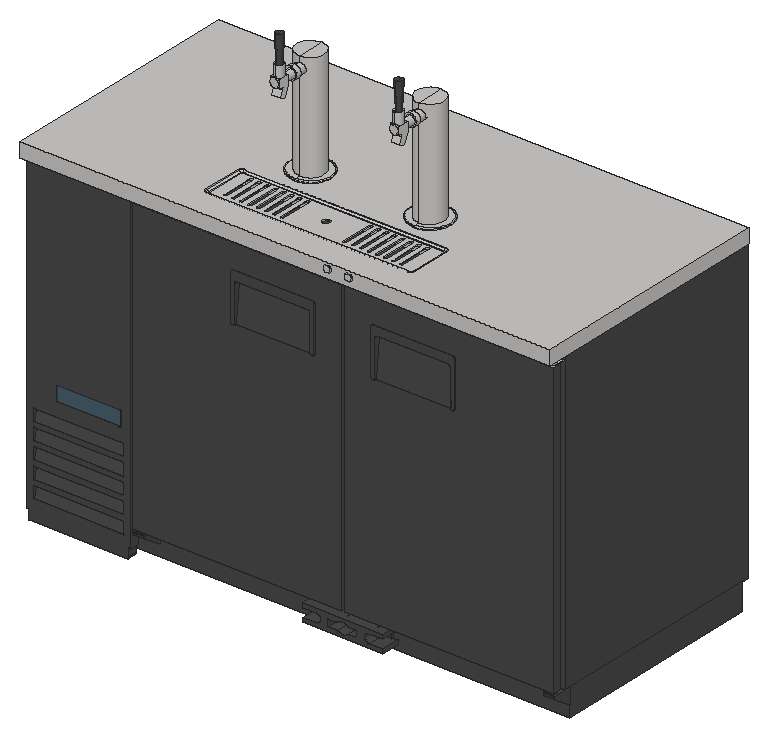
Revit family "QF_EVEREST_EBD2", category Specialty Equipment, Revit 2015
Parameters
  Weight in Pounds = 282
  Watts = if(Phase = 3, Volts * FL Amps * 1.73, Volts * FL Amps)  # 402.5 W
  Volts = 115 V
  URL Cutsheet = ""
  Specification by User = ""
  Specification by Manufacturer = ""
  Show Clearance [instance] = yes
  Show 6 Inches Legs [instance] = no
  Show 5 Inches Casters [instance] = no
  Show 3.5 Inches Legs [instance] = no
  Show 3 Inches Casters [instance] = no
  Serial Number = ""
  Seismic Rating = ""
  SMACNA No = ""
  Revision Code = ""
  Refrigerant Volume = 0.00 kip
  Refrigerant Type = "R-290"
  Phase = 1
  Number of Poles = 1
  NAFEM Spec ID Number = ""
  Model = "EBD2"
  Min Ckt Ampacity = 0 A
  Max Overcurrent Protection = 0 A
  Masterspec = ""
  Manufacturer = "EVEREST"
  Length = 1466 mm
  Item Number = ""
  Installed By = ""
  Identify Quantity as Lot = yes
  Height = 944 mm
  HP = "1/4+"
  Furnished By = ""
  Foodservice Equipment Identifier = yes
  FL Amps = 3.5 A
  Electrical Remarks = ""
  Electric Connection Type = ""
  Elec Conn RI Height = 0 mm
  Elec Conn Connection Height = 0 mm
  Description = "DIRECT DRAW KEG REFRIGERATOR"
  Depth = 688 mm
  Default [instance] = if(or(Show 3 Inches Casters, Show 5 Inches Casters), or(or(Show 3.5 Inches Legs, Show 6 Inches Legs), and(Show 3 Inches Casters, Show 5 Inches Casters)), if(Show 3.5 Inches Legs, Show 6 Inches Legs, not(Show 6 Inches Legs)))  # yes
  Cycle = 60 Hz
  Conn Plug = "NEMA 5-15P"
  Conn Conduit = yes
  CSI MasterFormat = ""
  Base Height [instance] = if(Show 3 Inches Casters, 76.2 mm, if(Show 5 Inches Casters, 127 mm, if(Show 3.5 Inches Legs, 88.9 mm, if(Show 6 Inches Legs, 152.4 mm, if(Default, 0 mm, 0 mm)))))  # 0 mm
  BTUH = 1926.0 Btu/h
  Apparent Power = if(Phase = 3, Volts * FL Amps * 1.73, Volts * FL Amps)  # 402.5 VA
Reference planes
  plane 1 "BACK": y = 0
  plane 2: z = 0
  plane 3 "LEFT": x = 0
  plane 4 "RIGHT": x = 1466
  plane 5 "FRONT": y = -688
  plane 6 "TOP": z = 0
  plane 7 "Center Y": x = 733
  plane 8 "Center X": y = -344
Dimensions and locks
  equal spacing: plane 3 "LEFT", plane 7 "Center Y", plane 4 "RIGHT"
  "Length": plane 3 "LEFT" to plane 4 "RIGHT"
  equal spacing: plane 5 "FRONT", plane 8 "Center X", plane 1 "BACK"
  "Depth": plane 5 "FRONT" to plane 1 "BACK"
  "Base Height": plane 6 "TOP" to level
  aligned and locked: level to plane 2
  aligned and locked: nested 1 to plane 6 "TOP"
Nested families
  nested 1: "EBD2" at (0, 0, 0), Show Clearance <- "Show Clearance", type "EBD2"
    with Show Clearance yes
  nested 2: "CASTERS & LEGS" at (53.834, -59.357, 0), Show 3 Inches Casters <- "Show 3 Inches Casters", Show 5 Inches Legs <- "Show 3.5 Inches Legs", Show 5" Casters <- "Show 5 Inches Casters", Show 6"  Legs <- "Show 6 Inches Legs", type "CASTERS & LEGS"
    with Type Mark "", Specification by User "", Show 6"  Legs no, Show 5" Casters no, Show 5 Inches Legs no, Show 3 Inches Casters no, Revision Code "", Item Number "", Installed By "", Identify Quantity as Lot yes, Furnished By "", Foodservice Equipment Identifier yes
  nested 3: "CASTERS & LEGS" at (1412.166, -59.357, 0), Show 3 Inches Casters <- "Show 3 Inches Casters", Show 5 Inches Legs <- "Show 3.5 Inches Legs", Show 5" Casters <- "Show 5 Inches Casters", Show 6"  Legs <- "Show 6 Inches Legs", type "CASTERS & LEGS"
    with Type Mark "", Specification by User "", Show 6"  Legs no, Show 5" Casters no, Show 5 Inches Legs no, Show 3 Inches Casters no, Revision Code "", Item Number "", Installed By "", Identify Quantity as Lot yes, Furnished By "", Foodservice Equipment Identifier yes
  nested 4: "CASTERS & LEGS" at (53.834, -583.643, 0), Show 3 Inches Casters <- "Show 3 Inches Casters", Show 5 Inches Legs <- "Show 3.5 Inches Legs", Show 5" Casters <- "Show 5 Inches Casters", Show 6"  Legs <- "Show 6 Inches Legs", type "CASTERS & LEGS"
    with Type Mark "", Specification by User "", Show 6"  Legs no, Show 5" Casters no, Show 5 Inches Legs no, Show 3 Inches Casters no, Revision Code "", Item Number "", Installed By "", Identify Quantity as Lot yes, Furnished By "", Foodservice Equipment Identifier yes
  nested 5: "CASTERS & LEGS" at (1412.166, -583.643, 0), Show 3 Inches Casters <- "Show 3 Inches Casters", Show 5 Inches Legs <- "Show 3.5 Inches Legs", Show 5" Casters <- "Show 5 Inches Casters", Show 6"  Legs <- "Show 6 Inches Legs", type "CASTERS & LEGS"
    with Type Mark "", Specification by User "", Show 6"  Legs no, Show 5" Casters no, Show 5 Inches Legs no, Show 3 Inches Casters no, Revision Code "", Item Number "", Installed By "", Identify Quantity as Lot yes, Furnished By "", Foodservice Equipment Identifier yes
Connectors
  electrical at (150.875, 3.4, 485.5), driven by "Volts", driven by "Watts"
    settings: on nested 1, index 1, voltage 115 V, apparent load 402.5 VA, apparent load phase1 0 VA, apparent load phase2 0 VA, apparent load phase3 0 VA, power factor 1, load classification "Other", number of poles 1, system type 30, power factor state 1, is connector primary yes, connector utility no, sub classification motor no, connector description "ELECTRICAL CONNECTION"
Definition of nested family "EBD2"
  Parameters (values of type "EBD2")
    Weight in Pounds = 0
    Watts = if(Phase = 3, Volts * FL Amps * 1.73, Volts * FL Amps)  # 0 W
    Volts = 0 V
    URL Cutsheet = ""
    Specification by User = ""
    Specification by Manufacturer = ""
    Show Clearance [instance] = yes
    Serial Number = ""
    Seismic Rating = ""
    SMACNA No = ""
    Revision Code = ""
    Phase = 0
    Number of Poles = 1
    NAFEM Spec ID Number = ""
    Model = "EBD2"
    Min Ckt Ampacity = 0 A
    Max Overcurrent Protection = 0 A
    Masterspec = ""
    Manufacturer = "EVEREST"
    Length = 1466 mm
    Item Number = ""
    Installed By = ""
    Identify Quantity as Lot = yes
    Height = 944 mm
    HP = ""
    Furnished By = ""
    Foodservice Equipment Identifier = yes
    FL Amps = 0 A
    Electrical Remarks = ""
    Electric Connection Type = ""
    Elec Conn RI Height = 0 mm
    Elec Conn Connection Height = 0 mm
    Description = "DIRECT DRAW KEG REFRIGERATOR"
    Depth = 688 mm
    Cycle = 0 Hz
    Conn Plug = ""
    Conn Conduit = yes
    CSI MasterFormat = ""
    Apparent Power = if(Phase = 3, Volts * FL Amps * 1.73, Volts * FL Amps)  # 0 VA
  Reference planes
    plane 1 "BACK": y = 0
    plane 2: z = 0
    plane 3 "LEFT": x = 0
    plane 4 "RIGHT": x = 1466
    plane 5 "FRONT": y = -688
    plane 6 "TOP": z = 944
    plane 7 "Center Y": x = 733
    plane 8 "Center X": y = -344
    plane 9: z = 130
    plane 10: z = 1332
    plane 11: y = -1245
    plane 12: x = 567.5
    plane 13: x = 898.5
    plane 14: z = 81
  Forms (mm)
    Extrusion 1, solid
      sketch origin (0, 0, -57) x (0, 1, 0) y (0, 0, 1)
        loop
          line (-633, 961) -> (-633, 132) -> (-3, 132) -> (-3, 961) -> (-633, 961)
      from 0 to 1466
    Extrusion 2, solid
      sketch origin (0, -633, 879) x (0, 0, 1) y (-1, 0, 0)
        loop
          arc (25, -7.75) -> (23.536, -4.214) -> (20, -2.75) r 5
          line (20, -2.75) -> (-849, -2.75) -> (-849, -8) -> (-872, -8)
          arc (-872, -8) -> (-875.536, -9.464) -> (-877, -13) r 5
          line (-877, -13) -> (-877, -282.479)
          arc (-877, -282.479) -> (-875.529, -286.029) -> (-871.979, -287.5) r 5.021
          line (-871.979, -287.5) -> (-849, -287.5) -> (-849, -292.75) -> (20, -292.75)
          arc (20, -292.75) -> (23.536, -291.286) -> (25, -287.75) r 5
          line (25, -287.75) -> (25, -7.75)
        loop
          line (-798, -1462) -> (11, -1462) -> (11, -884) -> (-798, -884) -> (-798, -1462)
        loop
          arc (-82, -785) -> (-83.464, -788.536) -> (-87, -790) r 5
          line (-87, -790) -> (-188.5, -790)
          arc (-188.5, -790) -> (-189.856, -790.273) -> (-191, -791.051) r 3.5
          arc (-191, -791.051) -> (-191.74, -792.177) -> (-192, -793.5) r 3.5
          line (-192, -793.5) -> (-192, -797.5)
          arc (-192, -797.5) -> (-190.975, -799.975) -> (-188.5, -801) r 3.5
          line (-188.5, -801) -> (-62, -801)
          arc (-62, -801) -> (-58.464, -799.536) -> (-57, -796) r 5
          line (-57, -796) -> (-57, -576)
          arc (-57, -576) -> (-58.464, -572.464) -> (-62, -571) r 5
          line (-62, -571) -> (-188.5, -571)
          arc (-188.5, -571) -> (-190.975, -572.025) -> (-192, -574.5) r 3.5
          line (-192, -574.5) -> (-192, -578.5)
          arc (-192, -578.5) -> (-191.74, -579.823) -> (-191, -580.949) r 3.5
          arc (-191, -580.949) -> (-189.856, -581.727) -> (-188.5, -582) r 3.5
          line (-188.5, -582) -> (-87, -582)
          arc (-87, -582) -> (-83.464, -583.464) -> (-82, -587) r 5
          line (-82, -587) -> (-82, -785)
        loop
          line (-798, -298) -> (-798, -876) -> (11, -876) -> (11, -298) -> (-798, -298)
        loop
          arc (-82, -1173) -> (-83.464, -1176.536) -> (-87, -1178) r 5
          line (-87, -1178) -> (-188.5, -1178)
          arc (-188.5, -1178) -> (-189.856, -1178.273) -> (-191, -1179.051) r 3.5
          arc (-191, -1179.051) -> (-191.74, -1180.177) -> (-192, -1181.5) r 3.5
          line (-192, -1181.5) -> (-192, -1185.5)
          arc (-192, -1185.5) -> (-190.975, -1187.975) -> (-188.5, -1189) r 3.5
          line (-188.5, -1189) -> (-62, -1189)
          arc (-62, -1189) -> (-58.464, -1187.536) -> (-57, -1184) r 5
          line (-57, -1184) -> (-57, -964)
          arc (-57, -964) -> (-58.464, -960.464) -> (-62, -959) r 5
          line (-62, -959) -> (-188.5, -959)
          arc (-188.5, -959) -> (-190.975, -960.025) -> (-192, -962.5) r 3.5
          line (-192, -962.5) -> (-192, -966.5)
          arc (-192, -966.5) -> (-191.74, -967.823) -> (-191, -968.949) r 3.5
          arc (-191, -968.949) -> (-189.856, -969.727) -> (-188.5, -970) r 3.5
          line (-188.5, -970) -> (-87, -970)
          arc (-87, -970) -> (-83.464, -971.464) -> (-82, -975) r 5
          line (-82, -975) -> (-82, -1173)
      from 15 to 37
    Extrusion 3, void
      sketch origin (571, -633, 690.5) x (0, 0, 1) y (0, -1, 0)
        loop
          line (-3.5, 37) -> (107.438, 25.34) -> (107.438, 37) -> (-3.5, 37)
      from 11 to 219
    Extrusion 4, solid
      sketch origin (0, -648, 879) x (0, 0, -1) y (-1, 0, 0)
        loop
          arc (62, -571) -> (58.464, -572.464) -> (57, -576) r 5
          line (57, -576) -> (57, -796)
          arc (57, -796) -> (58.464, -799.536) -> (62, -801) r 5
          line (62, -801) -> (188.5, -801)
          arc (188.5, -801) -> (190.975, -799.975) -> (192, -797.5) r 3.5
          line (192, -797.5) -> (192, -793.5)
          arc (192, -793.5) -> (191.74, -792.177) -> (191, -791.051) r 3.5
          arc (191, -791.051) -> (189.856, -790.273) -> (188.5, -790) r 3.5
          line (188.5, -790) -> (87, -790)
          arc (87, -790) -> (83.464, -788.536) -> (82, -785) r 5
          line (82, -785) -> (82, -587)
          arc (82, -587) -> (83.464, -583.464) -> (87, -582) r 5
          line (87, -582) -> (188.5, -582)
          arc (188.5, -582) -> (189.856, -581.727) -> (191, -580.949) r 3.5
          arc (191, -580.949) -> (191.74, -579.823) -> (192, -578.5) r 3.5
          line (192, -578.5) -> (192, -574.5)
          arc (192, -574.5) -> (190.975, -572.025) -> (188.5, -571) r 3.5
          line (188.5, -571) -> (62, -571)
        loop
          arc (62, -959) -> (58.464, -960.464) -> (57, -964) r 5
          line (57, -964) -> (57, -1184)
          arc (57, -1184) -> (58.464, -1187.536) -> (62, -1189) r 5
          line (62, -1189) -> (188.5, -1189)
          arc (188.5, -1189) -> (190.975, -1187.975) -> (192, -1185.5) r 3.5
          line (192, -1185.5) -> (192, -1181.5)
          arc (192, -1181.5) -> (191.74, -1180.177) -> (191, -1179.051) r 3.5
          arc (191, -1179.051) -> (189.856, -1178.273) -> (188.5, -1178) r 3.5
          line (188.5, -1178) -> (87, -1178)
          arc (87, -1178) -> (83.464, -1176.536) -> (82, -1173) r 5
          line (82, -1173) -> (82, -975)
          arc (82, -975) -> (83.464, -971.464) -> (87, -970) r 5
          line (87, -970) -> (188.5, -970)
          arc (188.5, -970) -> (189.856, -969.727) -> (191, -968.949) r 3.5
          arc (191, -968.949) -> (191.74, -967.823) -> (192, -966.5) r 3.5
          line (192, -966.5) -> (192, -962.5)
          arc (192, -962.5) -> (190.975, -960.025) -> (188.5, -959) r 3.5
          line (188.5, -959) -> (62, -959)
      from 0 to -23.584
    Extrusion 5, solid
      sketch origin (0, 0, -57) x (0, 1, 0) y (0, 0, 1)
        loop
          line (-648, 939.5) -> (-648, 145.5) -> (-633, 145.5) -> (-633, 939.5) -> (-648, 939.5)
      from 9 to 292.75
    Extrusion 6, solid
      sketch origin (0, 0.408, 944) x (0, -1, 0) y (1, 0, 0)
        loop
          line (0.408, 0) -> (688.408, 0) -> (688.408, 1466) -> (0.408, 1466) -> (0.408, 0)
        loop
          arc (479.408, 455.5) -> (482.63, 447.722) -> (490.408, 444.5) r 11
          line (490.408, 444.5) -> (600.408, 444.5)
          arc (600.408, 444.5) -> (608.186, 447.722) -> (611.408, 455.5) r 11
          line (611.408, 455.5) -> (611.408, 1010.5)
          arc (611.408, 1010.5) -> (608.186, 1018.278) -> (600.408, 1021.5) r 11
          line (600.408, 1021.5) -> (490.408, 1021.5)
          arc (490.408, 1021.5) -> (482.63, 1018.278) -> (479.408, 1010.5) r 11
          line (479.408, 1010.5) -> (479.408, 455.5)
      from 0 to -40
    Sweep 7, solid
      path origin (0, 0.408, 944) x (0, -1, 0) y (1, 0, 0)
        loop
          arc (479.408, 455.5) -> (482.63, 447.722) -> (490.408, 444.5) r 11
          line (490.408, 444.5) -> (600.408, 444.5)
          arc (600.408, 444.5) -> (608.186, 447.722) -> (611.408, 455.5) r 11
          line (611.408, 455.5) -> (611.408, 1010.5)
          arc (611.408, 1010.5) -> (608.186, 1018.278) -> (600.408, 1021.5) r 11
          line (600.408, 1021.5) -> (490.408, 1021.5)
          arc (490.408, 1021.5) -> (482.63, 1018.278) -> (479.408, 1010.5) r 11
          line (479.408, 1010.5) -> (479.408, 455.5)
      profile origin (733, -479, 944) x (0, 1, 0) y (0, 0, 1)
        loop
          arc (0, -0.371) -> (-3.13, -3.307) -> (-7.029, -5.099) r 13.357
          line (-7.029, -5.099) -> (-7.029, -6.424) -> (0, -6.424) -> (0, -1.518) -> (0, -0.371)
    Revolve 8, solid
      sketch origin (567.5, 199.647, 1126.703) x (0, 1, 0) y (0, 0, 1)
        loop
          line (-592.397, 117.297) -> (-592.397, -182.703) -> (-534.897, -182.703) -> (-534.897, -181.672)
          arc (-534.897, -181.672) -> (-535.474, -180.28) -> (-536.867, -179.703) r 1.969
          line (-536.867, -179.703) -> (-554.147, -179.703) -> (-554.147, 117.297) -> (-592.397, 117.297)
        axis (-592.397, -182.703) -> (-592.397, 117.297)
      angle from 0 to 360
    Revolve 9, solid
      sketch origin (567.5, 199.647, 1126.703) x (0, 1, 0) y (0, 0, 1)
        loop
          line (-616.542, 102.297) -> (-647.647, 102.297) -> (-647.647, 104.297) -> (-660.647, 104.297) -> (-660.647, 99.297) -> (-685.647, 99.297) -> (-685.647, 87.297) -> (-616.542, 87.297) -> (-616.542, 102.297)
        axis (-685.647, 87.297) -> (-616.542, 87.297)
      angle from 0 to 360
    Revolve 10, solid
      sketch origin (567.5, 199.647, 1126.703) x (0, 1, 0) y (0, 0, 1)
        loop
          line (-688.647, 99.297) -> (-688.647, 129.297) -> (-693.294, 129.297) -> (-690.183, 205.297) -> (-700.647, 205.297) -> (-700.647, 99.297) -> (-688.647, 99.297)
        axis (-700.647, 99.297) -> (-700.647, 205.297)
      angle from 0 to 360
    Extrusion 11, solid
      sketch origin (269.5, 24.25, -57) x (0, 1, 0) y (0, 0, 1)
        loop
          line (-510.25, 1283) -> (-538.25, 1283) -> (-538.25, 1261.43) -> (-533.891, 1261.43)
          arc (-533.891, 1261.43) -> (-528.941, 1258.81) -> (-528.322, 1253.244) r 5.987
          line (-528.322, 1253.244) -> (-535.226, 1235.754) -> (-521.274, 1230.246) -> (-510.25, 1258.173) -> (-510.25, 1283)
      from 286.048 to 310.005
    Extrusion 12, solid
      sketch origin (269.5, -514, 1204.43) x (0, 0, 1) y (-1, 0, 0)
        loop
          circle (10.785, -298.027) r 11.979
      from 0 to 3
    Extrusion 13, solid
      sketch origin (0, -688, 944) x (1, 0, 0) y (0, 0, 1)
        loop
          line (855.645, -8) -> (845.398, -8)
          arc (845.398, -8) -> (841.022, -16) -> (845.398, -24) r 9.5
          line (845.398, -24) -> (855.645, -24)
          arc (855.645, -24) -> (860.022, -16) -> (855.645, -8) r 9.5
        loop
          line (914.639, -8) -> (904.392, -8)
          arc (904.392, -8) -> (900.016, -16) -> (904.392, -24) r 9.5
          line (904.392, -24) -> (914.639, -24)
          arc (914.639, -24) -> (919.016, -16) -> (914.639, -8) r 9.5
      from 0 to 2
    Extrusion 14, solid
      sketch origin (6.875, -673.219, 904) x (0, 1, 0) y (-1, 0, 0)
        loop
          circle (14.219, -1442.816) r 10
      from 0 to -11.678
    Extrusion 15, solid
      sketch origin (0, 0, 0) x (0, 1, 0) y (0, 0, 1)
        loop
          line (-23, 75) -> (-618, 75) -> (-618, 0) -> (-23, 0) -> (-23, 75)
      from 0 to 1466
    Extrusion 16, solid
      sketch origin (120.5, -483, 937.576) x (0, -1, 0) y (-1, 0, 0)
        loop
          line (-4, -335) -> (-4, -890)
          arc (-4, -890) -> (-0.778, -897.778) -> (7, -901) r 11
          line (7, -901) -> (117, -901)
          arc (117, -901) -> (124.778, -897.778) -> (128, -890) r 11
          line (128, -890) -> (128, -335)
          arc (128, -335) -> (124.778, -327.222) -> (117, -324) r 11
          line (117, -324) -> (7, -324)
          arc (7, -324) -> (-0.778, -327.222) -> (-4, -335) r 11
        loop
          line (103.469, -363.548) -> (17.879, -363.548)
          arc (17.879, -363.548) -> (12.879, -368.548) -> (17.879, -373.548) r 5
          line (17.879, -373.548) -> (103.469, -373.548)
          arc (103.469, -373.548) -> (108.469, -368.548) -> (103.469, -363.548) r 5
        loop
          line (103.469, -386.048) -> (17.879, -386.048)
          arc (17.879, -386.048) -> (12.879, -391.048) -> (17.879, -396.048) r 5
          line (17.879, -396.048) -> (103.469, -396.048)
          arc (103.469, -396.048) -> (108.469, -391.048) -> (103.469, -386.048) r 5
        loop
          line (103.469, -408.548) -> (17.879, -408.548)
          arc (17.879, -408.548) -> (12.879, -413.548) -> (17.879, -418.548) r 5
          line (17.879, -418.548) -> (103.469, -418.548)
          arc (103.469, -418.548) -> (108.469, -413.548) -> (103.469, -408.548) r 5
        loop
          line (103.469, -431.048) -> (17.879, -431.048)
          arc (17.879, -431.048) -> (12.879, -436.048) -> (17.879, -441.048) r 5
          line (17.879, -441.048) -> (103.469, -441.048)
          arc (103.469, -441.048) -> (108.469, -436.048) -> (103.469, -431.048) r 5
        loop
          line (103.469, -453.548) -> (17.879, -453.548)
          arc (17.879, -453.548) -> (12.879, -458.548) -> (17.879, -463.548) r 5
          line (17.879, -463.548) -> (103.469, -463.548)
          arc (103.469, -463.548) -> (108.469, -458.548) -> (103.469, -453.548) r 5
        loop
          line (103.469, -476.048) -> (17.879, -476.048)
          arc (17.879, -476.048) -> (12.879, -481.048) -> (17.879, -486.048) r 5
          line (17.879, -486.048) -> (103.469, -486.048)
          arc (103.469, -486.048) -> (108.469, -481.048) -> (103.469, -476.048) r 5
        loop
          line (103.469, -498.548) -> (17.879, -498.548)
          arc (17.879, -498.548) -> (12.879, -503.548) -> (17.879, -508.548) r 5
          line (17.879, -508.548) -> (103.469, -508.548)
          arc (103.469, -508.548) -> (108.469, -503.548) -> (103.469, -498.548) r 5
        loop
          line (103.469, -521.048) -> (17.879, -521.048)
          arc (17.879, -521.048) -> (12.879, -526.048) -> (17.879, -531.048) r 5
          line (17.879, -531.048) -> (103.469, -531.048)
          arc (103.469, -531.048) -> (108.469, -526.048) -> (103.469, -521.048) r 5
        loop
          arc (103.469, -861.452) -> (108.469, -856.452) -> (103.469, -851.452) r 5
          line (103.469, -851.452) -> (17.879, -851.452)
          arc (17.879, -851.452) -> (12.879, -856.452) -> (17.879, -861.452) r 5
          line (17.879, -861.452) -> (103.469, -861.452)
        loop
          arc (103.469, -838.952) -> (108.469, -833.952) -> (103.469, -828.952) r 5
          line (103.469, -828.952) -> (17.879, -828.952)
          arc (17.879, -828.952) -> (12.879, -833.952) -> (17.879, -838.952) r 5
          line (17.879, -838.952) -> (103.469, -838.952)
        loop
          arc (103.469, -816.452) -> (108.469, -811.452) -> (103.469, -806.452) r 5
          line (103.469, -806.452) -> (17.879, -806.452)
          arc (17.879, -806.452) -> (12.879, -811.452) -> (17.879, -816.452) r 5
          line (17.879, -816.452) -> (103.469, -816.452)
        loop
          arc (103.469, -793.952) -> (108.469, -788.952) -> (103.469, -783.952) r 5
          line (103.469, -783.952) -> (17.879, -783.952)
          arc (17.879, -783.952) -> (12.879, -788.952) -> (17.879, -793.952) r 5
          line (17.879, -793.952) -> (103.469, -793.952)
        loop
          arc (103.469, -771.452) -> (108.469, -766.452) -> (103.469, -761.452) r 5
          line (103.469, -761.452) -> (17.879, -761.452)
          arc (17.879, -761.452) -> (12.879, -766.452) -> (17.879, -771.452) r 5
          line (17.879, -771.452) -> (103.469, -771.452)
        loop
          arc (103.469, -748.952) -> (108.469, -743.952) -> (103.469, -738.952) r 5
          line (103.469, -738.952) -> (17.879, -738.952)
          arc (17.879, -738.952) -> (12.879, -743.952) -> (17.879, -748.952) r 5
          line (17.879, -748.952) -> (103.469, -748.952)
        loop
          arc (103.469, -726.452) -> (108.469, -721.452) -> (103.469, -716.452) r 5
          line (103.469, -716.452) -> (17.879, -716.452)
          arc (17.879, -716.452) -> (12.879, -721.452) -> (17.879, -726.452) r 5
          line (17.879, -726.452) -> (103.469, -726.452)
        loop
          arc (103.469, -703.952) -> (108.469, -698.952) -> (103.469, -693.952) r 5
          line (103.469, -693.952) -> (17.879, -693.952)
          arc (17.879, -693.952) -> (12.879, -698.952) -> (17.879, -703.952) r 5
          line (17.879, -703.952) -> (103.469, -703.952)
        loop
          circle (60.674, -611.048) r 10
      from 0 to -1.326
    Extrusion 17, void
      sketch origin (1188.536, -633, 690.5) x (0, 0, 1) y (0, 1, 0)
        loop
          line (-3.5, -37) -> (107.438, -37) -> (107.438, -25.34) -> (-3.5, -37)
      from 10.536 to 218.536
    Extrusion 18, void
      sketch origin (0, 0, -57) x (0, -1, 0) y (0, 0, 1)
        loop
          arc (136, 444) -> (132, 440) -> (136, 436) r 4
          line (136, 436) -> (168, 436)
          arc (168, 436) -> (172, 440) -> (168, 444) r 4
          line (168, 444) -> (136, 444)
        loop
          arc (136, 431) -> (132, 427) -> (136, 423) r 4
          line (136, 423) -> (168, 423)
          arc (168, 423) -> (172, 427) -> (168, 431) r 4
          line (168, 431) -> (136, 431)
        loop
          arc (186, 444) -> (182, 440) -> (186, 436) r 4
          line (186, 436) -> (218, 436)
          arc (218, 436) -> (222, 440) -> (218, 444) r 4
          line (218, 444) -> (186, 444)
        loop
          arc (186, 431) -> (182, 427) -> (186, 423) r 4
          line (186, 423) -> (218, 423)
          arc (218, 423) -> (222, 427) -> (218, 431) r 4
          line (218, 431) -> (186, 431)
        loop
          arc (236, 444) -> (232, 440) -> (236, 436) r 4
          line (236, 436) -> (268, 436)
          arc (268, 436) -> (272, 440) -> (268, 444) r 4
          line (268, 444) -> (236, 444)
        loop
          arc (236, 431) -> (232, 427) -> (236, 423) r 4
          line (236, 423) -> (268, 423)
          arc (268, 423) -> (272, 427) -> (268, 431) r 4
          line (268, 431) -> (236, 431)
        loop
          arc (286, 444) -> (282, 440) -> (286, 436) r 4
          line (286, 436) -> (318, 436)
          arc (318, 436) -> (322, 440) -> (318, 444) r 4
          line (318, 444) -> (286, 444)
        loop
          arc (286, 431) -> (282, 427) -> (286, 423) r 4
          line (286, 423) -> (318, 423)
          arc (318, 423) -> (322, 427) -> (318, 431) r 4
          line (318, 431) -> (286, 431)
        loop
          arc (336, 444) -> (332, 440) -> (336, 436) r 4
          line (336, 436) -> (368, 436)
          arc (368, 436) -> (372, 440) -> (368, 444) r 4
          line (368, 444) -> (336, 444)
        loop
          arc (336, 431) -> (332, 427) -> (336, 423) r 4
          line (336, 423) -> (368, 423)
          arc (368, 423) -> (372, 427) -> (368, 431) r 4
          line (368, 431) -> (336, 431)
        loop
          arc (386, 444) -> (382, 440) -> (386, 436) r 4
          line (386, 436) -> (418, 436)
          arc (418, 436) -> (422, 440) -> (418, 444) r 4
          line (418, 444) -> (386, 444)
        loop
          arc (386, 431) -> (382, 427) -> (386, 423) r 4
          line (386, 423) -> (418, 423)
          arc (418, 423) -> (422, 427) -> (418, 431) r 4
          line (418, 431) -> (386, 431)
        loop
          arc (86, 444) -> (82, 440) -> (86, 436) r 4
          line (86, 436) -> (118, 436)
          arc (118, 436) -> (122, 440) -> (118, 444) r 4
          line (118, 444) -> (86, 444)
        loop
          arc (86, 431) -> (82, 427) -> (86, 423) r 4
          line (86, 423) -> (118, 423)
          arc (118, 423) -> (122, 427) -> (118, 431) r 4
          line (118, 431) -> (86, 431)
        loop
          arc (136, 418) -> (132, 414) -> (136, 410) r 4
          line (136, 410) -> (168, 410)
          arc (168, 410) -> (172, 414) -> (168, 418) r 4
          line (168, 418) -> (136, 418)
        loop
          arc (136, 405) -> (132, 401) -> (136, 397) r 4
          line (136, 397) -> (168, 397)
          arc (168, 397) -> (172, 401) -> (168, 405) r 4
          line (168, 405) -> (136, 405)
        loop
          arc (186, 418) -> (182, 414) -> (186, 410) r 4
          line (186, 410) -> (218, 410)
          arc (218, 410) -> (222, 414) -> (218, 418) r 4
          line (218, 418) -> (186, 418)
        loop
          arc (186, 405) -> (182, 401) -> (186, 397) r 4
          line (186, 397) -> (218, 397)
          arc (218, 397) -> (222, 401) -> (218, 405) r 4
          line (218, 405) -> (186, 405)
        loop
          arc (236, 418) -> (232, 414) -> (236, 410) r 4
          line (236, 410) -> (268, 410)
          arc (268, 410) -> (272, 414) -> (268, 418) r 4
          line (268, 418) -> (236, 418)
        loop
          arc (236, 405) -> (232, 401) -> (236, 397) r 4
          line (236, 397) -> (268, 397)
          arc (268, 397) -> (272, 401) -> (268, 405) r 4
          line (268, 405) -> (236, 405)
        loop
          arc (286, 418) -> (282, 414) -> (286, 410) r 4
          line (286, 410) -> (318, 410)
          arc (318, 410) -> (322, 414) -> (318, 418) r 4
          line (318, 418) -> (286, 418)
        loop
          arc (286, 405) -> (282, 401) -> (286, 397) r 4
          line (286, 397) -> (318, 397)
          arc (318, 397) -> (322, 401) -> (318, 405) r 4
          line (318, 405) -> (286, 405)
        loop
          arc (336, 418) -> (332, 414) -> (336, 410) r 4
          line (336, 410) -> (368, 410)
          arc (368, 410) -> (372, 414) -> (368, 418) r 4
          line (368, 418) -> (336, 418)
        loop
          arc (336, 405) -> (332, 401) -> (336, 397) r 4
          line (336, 397) -> (368, 397)
          arc (368, 397) -> (372, 401) -> (368, 405) r 4
          line (368, 405) -> (336, 405)
        loop
          arc (386, 418) -> (382, 414) -> (386, 410) r 4
          line (386, 410) -> (418, 410)
          arc (418, 410) -> (422, 414) -> (418, 418) r 4
          line (418, 418) -> (386, 418)
        loop
          arc (386, 405) -> (382, 401) -> (386, 397) r 4
          line (386, 397) -> (418, 397)
          arc (418, 397) -> (422, 401) -> (418, 405) r 4
          line (418, 405) -> (386, 405)
        loop
          arc (86, 418) -> (82, 414) -> (86, 410) r 4
          line (86, 410) -> (118, 410)
          arc (118, 410) -> (122, 414) -> (118, 418) r 4
          line (118, 418) -> (86, 418)
        loop
          arc (86, 405) -> (82, 401) -> (86, 397) r 4
          line (86, 397) -> (118, 397)
          arc (118, 397) -> (122, 401) -> (118, 405) r 4
          line (118, 405) -> (86, 405)
        loop
          arc (136, 392) -> (132, 388) -> (136, 384) r 4
          line (136, 384) -> (168, 384)
          arc (168, 384) -> (172, 388) -> (168, 392) r 4
          line (168, 392) -> (136, 392)
        loop
          arc (136, 379) -> (132, 375) -> (136, 371) r 4
          line (136, 371) -> (168, 371)
          arc (168, 371) -> (172, 375) -> (168, 379) r 4
          line (168, 379) -> (136, 379)
        loop
          arc (186, 392) -> (182, 388) -> (186, 384) r 4
          line (186, 384) -> (218, 384)
          arc (218, 384) -> (222, 388) -> (218, 392) r 4
          line (218, 392) -> (186, 392)
        loop
          arc (186, 379) -> (182, 375) -> (186, 371) r 4
          line (186, 371) -> (218, 371)
          arc (218, 371) -> (222, 375) -> (218, 379) r 4
          line (218, 379) -> (186, 379)
        loop
          arc (236, 392) -> (232, 388) -> (236, 384) r 4
          line (236, 384) -> (268, 384)
          arc (268, 384) -> (272, 388) -> (268, 392) r 4
          line (268, 392) -> (236, 392)
        loop
          arc (236, 379) -> (232, 375) -> (236, 371) r 4
          line (236, 371) -> (268, 371)
          arc (268, 371) -> (272, 375) -> (268, 379) r 4
          line (268, 379) -> (236, 379)
        loop
          arc (286, 392) -> (282, 388) -> (286, 384) r 4
          line (286, 384) -> (318, 384)
          arc (318, 384) -> (322, 388) -> (318, 392) r 4
          line (318, 392) -> (286, 392)
        loop
          arc (286, 379) -> (282, 375) -> (286, 371) r 4
          line (286, 371) -> (318, 371)
          arc (318, 371) -> (322, 375) -> (318, 379) r 4
          line (318, 379) -> (286, 379)
        loop
          arc (336, 392) -> (332, 388) -> (336, 384) r 4
          line (336, 384) -> (368, 384)
          arc (368, 384) -> (372, 388) -> (368, 392) r 4
          line (368, 392) -> (336, 392)
        loop
          arc (336, 379) -> (332, 375) -> (336, 371) r 4
          line (336, 371) -> (368, 371)
          arc (368, 371) -> (372, 375) -> (368, 379) r 4
          line (368, 379) -> (336, 379)
        loop
          arc (386, 392) -> (382, 388) -> (386, 384) r 4
          line (386, 384) -> (418, 384)
          arc (418, 384) -> (422, 388) -> (418, 392) r 4
          line (418, 392) -> (386, 392)
        loop
          arc (386, 379) -> (382, 375) -> (386, 371) r 4
          line (386, 371) -> (418, 371)
          arc (418, 371) -> (422, 375) -> (418, 379) r 4
          line (418, 379) -> (386, 379)
        loop
          arc (86, 392) -> (82, 388) -> (86, 384) r 4
          line (86, 384) -> (118, 384)
          arc (118, 384) -> (122, 388) -> (118, 392) r 4
          line (118, 392) -> (86, 392)
        loop
          arc (86, 379) -> (82, 375) -> (86, 371) r 4
          line (86, 371) -> (118, 371)
          arc (118, 371) -> (122, 375) -> (118, 379) r 4
          line (118, 379) -> (86, 379)
        loop
          arc (136, 366) -> (132, 362) -> (136, 358) r 4
          line (136, 358) -> (168, 358)
          arc (168, 358) -> (172, 362) -> (168, 366) r 4
          line (168, 366) -> (136, 366)
        loop
          arc (136, 353) -> (132, 349) -> (136, 345) r 4
          line (136, 345) -> (168, 345)
          arc (168, 345) -> (172, 349) -> (168, 353) r 4
          line (168, 353) -> (136, 353)
        loop
          arc (186, 366) -> (182, 362) -> (186, 358) r 4
          line (186, 358) -> (218, 358)
          arc (218, 358) -> (222, 362) -> (218, 366) r 4
          line (218, 366) -> (186, 366)
        loop
          arc (186, 353) -> (182, 349) -> (186, 345) r 4
          line (186, 345) -> (218, 345)
          arc (218, 345) -> (222, 349) -> (218, 353) r 4
          line (218, 353) -> (186, 353)
        loop
          arc (236, 366) -> (232, 362) -> (236, 358) r 4
          line (236, 358) -> (268, 358)
          arc (268, 358) -> (272, 362) -> (268, 366) r 4
          line (268, 366) -> (236, 366)
        loop
          arc (236, 353) -> (232, 349) -> (236, 345) r 4
          line (236, 345) -> (268, 345)
          arc (268, 345) -> (272, 349) -> (268, 353) r 4
          line (268, 353) -> (236, 353)
        loop
          arc (286, 366) -> (282, 362) -> (286, 358) r 4
          line (286, 358) -> (318, 358)
          arc (318, 358) -> (322, 362) -> (318, 366) r 4
          line (318, 366) -> (286, 366)
        loop
          arc (286, 353) -> (282, 349) -> (286, 345) r 4
          line (286, 345) -> (318, 345)
          arc (318, 345) -> (322, 349) -> (318, 353) r 4
          line (318, 353) -> (286, 353)
        loop
          arc (336, 366) -> (332, 362) -> (336, 358) r 4
          line (336, 358) -> (368, 358)
          arc (368, 358) -> (372, 362) -> (368, 366) r 4
          line (368, 366) -> (336, 366)
        loop
          arc (336, 353) -> (332, 349) -> (336, 345) r 4
          line (336, 345) -> (368, 345)
          arc (368, 345) -> (372, 349) -> (368, 353) r 4
          line (368, 353) -> (336, 353)
        loop
          arc (386, 366) -> (382, 362) -> (386, 358) r 4
          line (386, 358) -> (418, 358)
          arc (418, 358) -> (422, 362) -> (418, 366) r 4
          line (418, 366) -> (386, 366)
        loop
          arc (386, 353) -> (382, 349) -> (386, 345) r 4
          line (386, 345) -> (418, 345)
          arc (418, 345) -> (422, 349) -> (418, 353) r 4
          line (418, 353) -> (386, 353)
        loop
          arc (86, 366) -> (82, 362) -> (86, 358) r 4
          line (86, 358) -> (118, 358)
          arc (118, 358) -> (122, 362) -> (118, 366) r 4
          line (118, 366) -> (86, 366)
        loop
          arc (86, 353) -> (82, 349) -> (86, 345) r 4
          line (86, 345) -> (118, 345)
          arc (118, 345) -> (122, 349) -> (118, 353) r 4
          line (118, 353) -> (86, 353)
        loop
          arc (136, 340) -> (132, 336) -> (136, 332) r 4
          line (136, 332) -> (168, 332)
          arc (168, 332) -> (172, 336) -> (168, 340) r 4
          line (168, 340) -> (136, 340)
        loop
          arc (136, 327) -> (132, 323) -> (136, 319) r 4
          line (136, 319) -> (168, 319)
          arc (168, 319) -> (172, 323) -> (168, 327) r 4
          line (168, 327) -> (136, 327)
        loop
          arc (186, 340) -> (182, 336) -> (186, 332) r 4
          line (186, 332) -> (218, 332)
          arc (218, 332) -> (222, 336) -> (218, 340) r 4
          line (218, 340) -> (186, 340)
        loop
          arc (186, 327) -> (182, 323) -> (186, 319) r 4
          line (186, 319) -> (218, 319)
          arc (218, 319) -> (222, 323) -> (218, 327) r 4
          line (218, 327) -> (186, 327)
        loop
          arc (236, 340) -> (232, 336) -> (236, 332) r 4
          line (236, 332) -> (268, 332)
          arc (268, 332) -> (272, 336) -> (268, 340) r 4
          line (268, 340) -> (236, 340)
        loop
          arc (236, 327) -> (232, 323) -> (236, 319) r 4
          line (236, 319) -> (268, 319)
          arc (268, 319) -> (272, 323) -> (268, 327) r 4
          line (268, 327) -> (236, 327)
        loop
          arc (286, 340) -> (282, 336) -> (286, 332) r 4
          line (286, 332) -> (318, 332)
          arc (318, 332) -> (322, 336) -> (318, 340) r 4
          line (318, 340) -> (286, 340)
        loop
          arc (286, 327) -> (282, 323) -> (286, 319) r 4
          line (286, 319) -> (318, 319)
          arc (318, 319) -> (322, 323) -> (318, 327) r 4
          line (318, 327) -> (286, 327)
        loop
          arc (336, 340) -> (332, 336) -> (336, 332) r 4
          line (336, 332) -> (368, 332)
          arc (368, 332) -> (372, 336) -> (368, 340) r 4
          line (368, 340) -> (336, 340)
        loop
          arc (336, 327) -> (332, 323) -> (336, 319) r 4
          line (336, 319) -> (368, 319)
          arc (368, 319) -> (372, 323) -> (368, 327) r 4
          line (368, 327) -> (336, 327)
        loop
          arc (386, 340) -> (382, 336) -> (386, 332) r 4
          line (386, 332) -> (418, 332)
          arc (418, 332) -> (422, 336) -> (418, 340) r 4
          line (418, 340) -> (386, 340)
        loop
          arc (386, 327) -> (382, 323) -> (386, 319) r 4
          line (386, 319) -> (418, 319)
          arc (418, 319) -> (422, 323) -> (418, 327) r 4
          line (418, 327) -> (386, 327)
        loop
          arc (86, 340) -> (82, 336) -> (86, 332) r 4
          line (86, 332) -> (118, 332)
          arc (118, 332) -> (122, 336) -> (118, 340) r 4
          line (118, 340) -> (86, 340)
        loop
          arc (86, 327) -> (82, 323) -> (86, 319) r 4
          line (86, 319) -> (118, 319)
          arc (118, 319) -> (122, 323) -> (118, 327) r 4
          line (118, 327) -> (86, 327)
        loop
          arc (136, 314) -> (132, 310) -> (136, 306) r 4
          line (136, 306) -> (168, 306)
          arc (168, 306) -> (172, 310) -> (168, 314) r 4
          line (168, 314) -> (136, 314)
        loop
          arc (136, 301) -> (132, 297) -> (136, 293) r 4
          line (136, 293) -> (168, 293)
          arc (168, 293) -> (172, 297) -> (168, 301) r 4
          line (168, 301) -> (136, 301)
        loop
          arc (186, 314) -> (182, 310) -> (186, 306) r 4
          line (186, 306) -> (218, 306)
          arc (218, 306) -> (222, 310) -> (218, 314) r 4
          line (218, 314) -> (186, 314)
        loop
          arc (186, 301) -> (182, 297) -> (186, 293) r 4
          line (186, 293) -> (218, 293)
          arc (218, 293) -> (222, 297) -> (218, 301) r 4
          line (218, 301) -> (186, 301)
        loop
          arc (236, 314) -> (232, 310) -> (236, 306) r 4
          line (236, 306) -> (268, 306)
          arc (268, 306) -> (272, 310) -> (268, 314) r 4
          line (268, 314) -> (236, 314)
        loop
          arc (236, 301) -> (232, 297) -> (236, 293) r 4
          line (236, 293) -> (268, 293)
          arc (268, 293) -> (272, 297) -> (268, 301) r 4
          line (268, 301) -> (236, 301)
        loop
          arc (286, 314) -> (282, 310) -> (286, 306) r 4
          line (286, 306) -> (318, 306)
          arc (318, 306) -> (322, 310) -> (318, 314) r 4
          line (318, 314) -> (286, 314)
        loop
          arc (286, 301) -> (282, 297) -> (286, 293) r 4
          line (286, 293) -> (318, 293)
          arc (318, 293) -> (322, 297) -> (318, 301) r 4
          line (318, 301) -> (286, 301)
        loop
          arc (336, 314) -> (332, 310) -> (336, 306) r 4
          line (336, 306) -> (368, 306)
          arc (368, 306) -> (372, 310) -> (368, 314) r 4
          line (368, 314) -> (336, 314)
        loop
          arc (336, 301) -> (332, 297) -> (336, 293) r 4
          line (336, 293) -> (368, 293)
          arc (368, 293) -> (372, 297) -> (368, 301) r 4
          line (368, 301) -> (336, 301)
        loop
          arc (386, 314) -> (382, 310) -> (386, 306) r 4
          line (386, 306) -> (418, 306)
          arc (418, 306) -> (422, 310) -> (418, 314) r 4
          line (418, 314) -> (386, 314)
        loop
          arc (386, 301) -> (382, 297) -> (386, 293) r 4
          line (386, 293) -> (418, 293)
          arc (418, 293) -> (422, 297) -> (418, 301) r 4
          line (418, 301) -> (386, 301)
        loop
          arc (86, 314) -> (82, 310) -> (86, 306) r 4
          line (86, 306) -> (118, 306)
          arc (118, 306) -> (122, 310) -> (118, 314) r 4
          line (118, 314) -> (86, 314)
        loop
          arc (86, 301) -> (82, 297) -> (86, 293) r 4
          line (86, 293) -> (118, 293)
          arc (118, 293) -> (122, 297) -> (118, 301) r 4
          line (118, 301) -> (86, 301)
        loop
          arc (136, 288) -> (132, 284) -> (136, 280) r 4
          line (136, 280) -> (168, 280)
          arc (168, 280) -> (172, 284) -> (168, 288) r 4
          line (168, 288) -> (136, 288)
        loop
          arc (136, 275) -> (132, 271) -> (136, 267) r 4
          line (136, 267) -> (168, 267)
          arc (168, 267) -> (172, 271) -> (168, 275) r 4
          line (168, 275) -> (136, 275)
        loop
          arc (186, 288) -> (182, 284) -> (186, 280) r 4
          line (186, 280) -> (218, 280)
          arc (218, 280) -> (222, 284) -> (218, 288) r 4
          line (218, 288) -> (186, 288)
        loop
          arc (186, 275) -> (182, 271) -> (186, 267) r 4
          line (186, 267) -> (218, 267)
          arc (218, 267) -> (222, 271) -> (218, 275) r 4
          line (218, 275) -> (186, 275)
        loop
          arc (236, 288) -> (232, 284) -> (236, 280) r 4
          line (236, 280) -> (268, 280)
          arc (268, 280) -> (272, 284) -> (268, 288) r 4
          line (268, 288) -> (236, 288)
        loop
          arc (236, 275) -> (232, 271) -> (236, 267) r 4
          line (236, 267) -> (268, 267)
          arc (268, 267) -> (272, 271) -> (268, 275) r 4
          line (268, 275) -> (236, 275)
        loop
          arc (286, 288) -> (282, 284) -> (286, 280) r 4
          line (286, 280) -> (318, 280)
          arc (318, 280) -> (322, 284) -> (318, 288) r 4
          line (318, 288) -> (286, 288)
        loop
          arc (286, 275) -> (282, 271) -> (286, 267) r 4
          line (286, 267) -> (318, 267)
          arc (318, 267) -> (322, 271) -> (318, 275) r 4
          line (318, 275) -> (286, 275)
        loop
          arc (336, 288) -> (332, 284) -> (336, 280) r 4
          line (336, 280) -> (368, 280)
          arc (368, 280) -> (372, 284) -> (368, 288) r 4
          line (368, 288) -> (336, 288)
        loop
          arc (336, 275) -> (332, 271) -> (336, 267) r 4
          line (336, 267) -> (368, 267)
          arc (368, 267) -> (372, 271) -> (368, 275) r 4
          line (368, 275) -> (336, 275)
        loop
          arc (386, 288) -> (382, 284) -> (386, 280) r 4
          line (386, 280) -> (418, 280)
          arc (418, 280) -> (422, 284) -> (418, 288) r 4
          line (418, 288) -> (386, 288)
        loop
          arc (386, 275) -> (382, 271) -> (386, 267) r 4
          line (386, 267) -> (418, 267)
          arc (418, 267) -> (422, 271) -> (418, 275) r 4
          line (418, 275) -> (386, 275)
        loop
          arc (86, 288) -> (82, 284) -> (86, 280) r 4
          line (86, 280) -> (118, 280)
          arc (118, 280) -> (122, 284) -> (118, 288) r 4
          line (118, 288) -> (86, 288)
        loop
          arc (86, 275) -> (82, 271) -> (86, 267) r 4
          line (86, 267) -> (118, 267)
          arc (118, 267) -> (122, 271) -> (118, 275) r 4
          line (118, 275) -> (86, 275)
        loop
          arc (136, 262) -> (132, 258) -> (136, 254) r 4
          line (136, 254) -> (168, 254)
          arc (168, 254) -> (172, 258) -> (168, 262) r 4
          line (168, 262) -> (136, 262)
        loop
          arc (136, 249) -> (132, 245) -> (136, 241) r 4
          line (136, 241) -> (168, 241)
          arc (168, 241) -> (172, 245) -> (168, 249) r 4
          line (168, 249) -> (136, 249)
        loop
          arc (186, 262) -> (182, 258) -> (186, 254) r 4
          line (186, 254) -> (218, 254)
          arc (218, 254) -> (222, 258) -> (218, 262) r 4
          line (218, 262) -> (186, 262)
        loop
          arc (186, 249) -> (182, 245) -> (186, 241) r 4
          line (186, 241) -> (218, 241)
          arc (218, 241) -> (222, 245) -> (218, 249) r 4
          line (218, 249) -> (186, 249)
        loop
          arc (236, 262) -> (232, 258) -> (236, 254) r 4
          line (236, 254) -> (268, 254)
          arc (268, 254) -> (272, 258) -> (268, 262) r 4
          line (268, 262) -> (236, 262)
        loop
          arc (236, 249) -> (232, 245) -> (236, 241) r 4
          line (236, 241) -> (268, 241)
          arc (268, 241) -> (272, 245) -> (268, 249) r 4
          line (268, 249) -> (236, 249)
        loop
          arc (286, 262) -> (282, 258) -> (286, 254) r 4
          line (286, 254) -> (318, 254)
          arc (318, 254) -> (322, 258) -> (318, 262) r 4
          line (318, 262) -> (286, 262)
        loop
          arc (286, 249) -> (282, 245) -> (286, 241) r 4
          line (286, 241) -> (318, 241)
          arc (318, 241) -> (322, 245) -> (318, 249) r 4
          line (318, 249) -> (286, 249)
        loop
          arc (336, 262) -> (332, 258) -> (336, 254) r 4
          line (336, 254) -> (368, 254)
          arc (368, 254) -> (372, 258) -> (368, 262) r 4
          line (368, 262) -> (336, 262)
        loop
          arc (336, 249) -> (332, 245) -> (336, 241) r 4
          line (336, 241) -> (368, 241)
          arc (368, 241) -> (372, 245) -> (368, 249) r 4
          line (368, 249) -> (336, 249)
        loop
          arc (386, 262) -> (382, 258) -> (386, 254) r 4
          line (386, 254) -> (418, 254)
          arc (418, 254) -> (422, 258) -> (418, 262) r 4
          line (418, 262) -> (386, 262)
        loop
          arc (386, 249) -> (382, 245) -> (386, 241) r 4
          line (386, 241) -> (418, 241)
          arc (418, 241) -> (422, 245) -> (418, 249) r 4
          line (418, 249) -> (386, 249)
        loop
          arc (86, 262) -> (82, 258) -> (86, 254) r 4
          line (86, 254) -> (118, 254)
          arc (118, 254) -> (122, 258) -> (118, 262) r 4
          line (118, 262) -> (86, 262)
        loop
          arc (86, 249) -> (82, 245) -> (86, 241) r 4
          line (86, 241) -> (118, 241)
          arc (118, 241) -> (122, 245) -> (118, 249) r 4
          line (118, 249) -> (86, 249)
        loop
          arc (136, 236) -> (132, 232) -> (136, 228) r 4
          line (136, 228) -> (168, 228)
          arc (168, 228) -> (172, 232) -> (168, 236) r 4
          line (168, 236) -> (136, 236)
        loop
          arc (136, 223) -> (132, 219) -> (136, 215) r 4
          line (136, 215) -> (168, 215)
          arc (168, 215) -> (172, 219) -> (168, 223) r 4
          line (168, 223) -> (136, 223)
        loop
          arc (186, 236) -> (182, 232) -> (186, 228) r 4
          line (186, 228) -> (218, 228)
          arc (218, 228) -> (222, 232) -> (218, 236) r 4
          line (218, 236) -> (186, 236)
        loop
          arc (186, 223) -> (182, 219) -> (186, 215) r 4
          line (186, 215) -> (218, 215)
          arc (218, 215) -> (222, 219) -> (218, 223) r 4
          line (218, 223) -> (186, 223)
        loop
          arc (236, 236) -> (232, 232) -> (236, 228) r 4
          line (236, 228) -> (268, 228)
          arc (268, 228) -> (272, 232) -> (268, 236) r 4
          line (268, 236) -> (236, 236)
        loop
          arc (236, 223) -> (232, 219) -> (236, 215) r 4
          line (236, 215) -> (268, 215)
          arc (268, 215) -> (272, 219) -> (268, 223) r 4
          line (268, 223) -> (236, 223)
        loop
          arc (286, 236) -> (282, 232) -> (286, 228) r 4
          line (286, 228) -> (318, 228)
          arc (318, 228) -> (322, 232) -> (318, 236) r 4
          line (318, 236) -> (286, 236)
        loop
          arc (286, 223) -> (282, 219) -> (286, 215) r 4
          line (286, 215) -> (318, 215)
          arc (318, 215) -> (322, 219) -> (318, 223) r 4
          line (318, 223) -> (286, 223)
        loop
          arc (336, 236) -> (332, 232) -> (336, 228) r 4
          line (336, 228) -> (368, 228)
          arc (368, 228) -> (372, 232) -> (368, 236) r 4
          line (368, 236) -> (336, 236)
        loop
          arc (336, 223) -> (332, 219) -> (336, 215) r 4
          line (336, 215) -> (368, 215)
          arc (368, 215) -> (372, 219) -> (368, 223) r 4
          line (368, 223) -> (336, 223)
        loop
          arc (386, 236) -> (382, 232) -> (386, 228) r 4
          line (386, 228) -> (418, 228)
          arc (418, 228) -> (422, 232) -> (418, 236) r 4
          line (418, 236) -> (386, 236)
        loop
          arc (386, 223) -> (382, 219) -> (386, 215) r 4
          line (386, 215) -> (418, 215)
          arc (418, 215) -> (422, 219) -> (418, 223) r 4
          line (418, 223) -> (386, 223)
        loop
          arc (86, 236) -> (82, 232) -> (86, 228) r 4
          line (86, 228) -> (118, 228)
          arc (118, 228) -> (122, 232) -> (118, 236) r 4
          line (118, 236) -> (86, 236)
        loop
          arc (86, 223) -> (82, 219) -> (86, 215) r 4
          line (86, 215) -> (118, 215)
          arc (118, 215) -> (122, 219) -> (118, 223) r 4
          line (118, 223) -> (86, 223)
        loop
          arc (136, 210) -> (132, 206) -> (136, 202) r 4
          line (136, 202) -> (168, 202)
          arc (168, 202) -> (172, 206) -> (168, 210) r 4
          line (168, 210) -> (136, 210)
        loop
          arc (136, 197) -> (132, 193) -> (136, 189) r 4
          line (136, 189) -> (168, 189)
          arc (168, 189) -> (172, 193) -> (168, 197) r 4
          line (168, 197) -> (136, 197)
        loop
          arc (186, 210) -> (182, 206) -> (186, 202) r 4
          line (186, 202) -> (218, 202)
          arc (218, 202) -> (222, 206) -> (218, 210) r 4
          line (218, 210) -> (186, 210)
        loop
          arc (186, 197) -> (182, 193) -> (186, 189) r 4
          line (186, 189) -> (218, 189)
          arc (218, 189) -> (222, 193) -> (218, 197) r 4
          line (218, 197) -> (186, 197)
        loop
          arc (236, 210) -> (232, 206) -> (236, 202) r 4
          line (236, 202) -> (268, 202)
          arc (268, 202) -> (272, 206) -> (268, 210) r 4
          line (268, 210) -> (236, 210)
        loop
          arc (236, 197) -> (232, 193) -> (236, 189) r 4
          line (236, 189) -> (268, 189)
          arc (268, 189) -> (272, 193) -> (268, 197) r 4
          line (268, 197) -> (236, 197)
        loop
          arc (286, 210) -> (282, 206) -> (286, 202) r 4
          line (286, 202) -> (318, 202)
          arc (318, 202) -> (322, 206) -> (318, 210) r 4
          line (318, 210) -> (286, 210)
        loop
          arc (286, 197) -> (282, 193) -> (286, 189) r 4
          line (286, 189) -> (318, 189)
          arc (318, 189) -> (322, 193) -> (318, 197) r 4
          line (318, 197) -> (286, 197)
        loop
          arc (336, 210) -> (332, 206) -> (336, 202) r 4
          line (336, 202) -> (368, 202)
          arc (368, 202) -> (372, 206) -> (368, 210) r 4
          line (368, 210) -> (336, 210)
        loop
          arc (336, 197) -> (332, 193) -> (336, 189) r 4
          line (336, 189) -> (368, 189)
          arc (368, 189) -> (372, 193) -> (368, 197) r 4
          line (368, 197) -> (336, 197)
        loop
          arc (386, 210) -> (382, 206) -> (386, 202) r 4
          line (386, 202) -> (418, 202)
          arc (418, 202) -> (422, 206) -> (418, 210) r 4
          line (418, 210) -> (386, 210)
        loop
          arc (386, 197) -> (382, 193) -> (386, 189) r 4
          line (386, 189) -> (418, 189)
          arc (418, 189) -> (422, 193) -> (418, 197) r 4
          line (418, 197) -> (386, 197)
        loop
          arc (86, 210) -> (82, 206) -> (86, 202) r 4
          line (86, 202) -> (118, 202)
          arc (118, 202) -> (122, 206) -> (118, 210) r 4
          line (118, 210) -> (86, 210)
        loop
          arc (86, 197) -> (82, 193) -> (86, 189) r 4
          line (86, 189) -> (118, 189)
          arc (118, 189) -> (122, 193) -> (118, 197) r 4
          line (118, 197) -> (86, 197)
        loop
          arc (136, 184) -> (132, 180) -> (136, 176) r 4
          line (136, 176) -> (168, 176)
          arc (168, 176) -> (172, 180) -> (168, 184) r 4
          line (168, 184) -> (136, 184)
        loop
          arc (186, 184) -> (182, 180) -> (186, 176) r 4
          line (186, 176) -> (218, 176)
          arc (218, 176) -> (222, 180) -> (218, 184) r 4
          line (218, 184) -> (186, 184)
        loop
          arc (236, 184) -> (232, 180) -> (236, 176) r 4
          line (236, 176) -> (268, 176)
          arc (268, 176) -> (272, 180) -> (268, 184) r 4
          line (268, 184) -> (236, 184)
        loop
          arc (286, 184) -> (282, 180) -> (286, 176) r 4
          line (286, 176) -> (318, 176)
          arc (318, 176) -> (322, 180) -> (318, 184) r 4
          line (318, 184) -> (286, 184)
        loop
          arc (336, 184) -> (332, 180) -> (336, 176) r 4
          line (336, 176) -> (368, 176)
          arc (368, 176) -> (372, 180) -> (368, 184) r 4
          line (368, 184) -> (336, 184)
        loop
          arc (386, 184) -> (382, 180) -> (386, 176) r 4
          line (386, 176) -> (418, 176)
          arc (418, 176) -> (422, 180) -> (418, 184) r 4
          line (418, 184) -> (386, 184)
        loop
          arc (86, 184) -> (82, 180) -> (86, 176) r 4
          line (86, 176) -> (118, 176)
          arc (118, 176) -> (122, 180) -> (118, 184) r 4
          line (118, 184) -> (86, 184)
      from 0 to -2
    Extrusion 19, void
      sketch origin (0, -670, 879) x (0, 0, 1) y (-1, 0, 0)
        loop
          arc (-555.132, -85.585) -> (-556.575, -86.182) -> (-557.173, -87.625) r 2.04
          line (-557.173, -87.625) -> (-557.173, -263.076)
          arc (-557.173, -263.076) -> (-556.584, -264.496) -> (-555.164, -265.085) r 2.009
          line (-555.164, -265.085) -> (-517.172, -265.085)
          arc (-517.172, -265.085) -> (-515.757, -264.5) -> (-515.173, -263.085) r 1.997
          line (-515.173, -263.085) -> (-515.173, -87.584)
          arc (-515.173, -87.584) -> (-515.757, -86.17) -> (-517.172, -85.585) r 1.997
          line (-517.172, -85.585) -> (-555.132, -85.585)
      from 0 to -2
    Extrusion 20, void
      sketch origin (0, 0, 0) x (0, 1, 0) y (0, 0, 1)
        loop
          line (-670, 285) -> (-670, 250) -> (-657.875, 285) -> (-670, 285)
        loop
          line (-670, 237) -> (-670, 202) -> (-657.875, 237) -> (-670, 237)
        loop
          line (-670, 189) -> (-670, 154) -> (-657.875, 189) -> (-670, 189)
        loop
          line (-670, 141) -> (-670, 106) -> (-657.875, 141) -> (-670, 141)
        loop
          line (-670, 93) -> (-670, 58) -> (-657.875, 93) -> (-670, 93)
      from 22.5 to 273
    Revolve 21, solid
      sketch origin (898.5, 199.647, 1126.703) x (0, 1, 0) y (0, 0, 1)
        loop
          line (-592.397, 117.297) -> (-592.397, -182.703) -> (-534.897, -182.703) -> (-534.897, -181.672)
          arc (-534.897, -181.672) -> (-535.474, -180.28) -> (-536.867, -179.703) r 1.969
          line (-536.867, -179.703) -> (-554.147, -179.703) -> (-554.147, 117.297) -> (-592.397, 117.297)
        axis (-592.397, -182.703) -> (-592.397, 117.297)
      angle from 0 to 360
    Revolve 22, solid
      sketch origin (898.5, 199.647, 1126.703) x (0, 1, 0) y (0, 0, 1)
        loop
          line (-616.542, 102.297) -> (-647.647, 102.297) -> (-647.647, 104.297) -> (-660.647, 104.297) -> (-660.647, 99.297) -> (-685.647, 99.297) -> (-685.647, 87.297) -> (-616.542, 87.297) -> (-616.542, 102.297)
        axis (-685.647, 87.297) -> (-616.542, 87.297)
      angle from 0 to 360
    Revolve 23, solid
      sketch origin (898.5, 199.647, 1126.703) x (0, 1, 0) y (0, 0, 1)
        loop
          line (-688.647, 99.297) -> (-688.647, 129.297) -> (-693.294, 129.297) -> (-690.183, 205.297) -> (-700.647, 205.297) -> (-700.647, 99.297) -> (-688.647, 99.297)
        axis (-700.647, 99.297) -> (-700.647, 205.297)
      angle from 0 to 360
    Extrusion 24, solid
      sketch origin (600.5, 24.25, -57) x (0, 1, 0) y (0, 0, 1)
        loop
          line (-510.25, 1283) -> (-538.25, 1283) -> (-538.25, 1261.43) -> (-533.891, 1261.43)
          arc (-533.891, 1261.43) -> (-528.941, 1258.81) -> (-528.322, 1253.244) r 5.987
          line (-528.322, 1253.244) -> (-535.226, 1235.754) -> (-521.274, 1230.246) -> (-510.25, 1258.173) -> (-510.25, 1283)
      from 286.048 to 310.005
    Extrusion 25, solid
      sketch origin (600.5, -514, 1204.43) x (0, 0, 1) y (-1, 0, 0)
        loop
          circle (10.785, -298.027) r 11.979
      from 0 to 3
    Extrusion 26, solid
      sketch origin (0, 0, 0) x (0, 1, 0) y (0, 0, 1)
        loop
          line (-670, 75) -> (-670, 67.447) -> (-618, 30.931) -> (-618, 75) -> (-670, 75)
      from 1466 to 1463
    Extrusion 27, solid
      sketch origin (-28.789, 0, 0) x (0, 1, 0) y (0, 0, 1)
        loop
          line (-670, 75) -> (-670, 67.447) -> (-618, 30.931) -> (-618, 75) -> (-670, 75)
      from 1466 to 1463
    Extrusion 28, solid
      sketch origin (-28.789, 0, 0) x (0, 1, 0) y (0, 0, 1)
        loop
          line (-670, 75) -> (-670, 73) -> (-618, 73) -> (-618, 75) -> (-670, 75)
      from 1491.789 to 1466
    Extrusion 29, solid
      sketch origin (6.875, -673.219, 89) x (0, 1, 0) y (-1, 0, 0)
        loop
          circle (14.219, -1442.816) r 10
      from -8 to -14
    Extrusion 30, solid
      sketch origin (6.875, -673.219, 904) x (0, 1, 0) y (-1, 0, 0)
        loop
          line (40.219, -1430.336) -> (9.519, -1430.336)
          arc (9.519, -1430.336) -> (5.064, -1432.181) -> (3.219, -1436.636) r 6.3
          line (3.219, -1436.636) -> (3.219, -1448.825)
          arc (3.219, -1448.825) -> (5.064, -1453.28) -> (9.519, -1455.125) r 6.3
          line (9.519, -1455.125) -> (40.219, -1455.125) -> (40.219, -1430.336)
      from -11.678 to -14
    Extrusion 31, solid
      sketch origin (0, -618, 75) x (0, 0, -1) y (1, 0, 0)
        loop
          line (14, 768) -> (25, 768) -> (25, 806)
          arc (25, 806) -> (37.5, 818.5) -> (50, 806) r 12.5
          line (50, 806) -> (50, 768) -> (61, 768) -> (61, 990) -> (50, 990) -> (50, 952)
          arc (50, 952) -> (37.5, 939.5) -> (25, 952) r 12.5
          line (25, 952) -> (25, 990) -> (14, 990) -> (14, 768)
        loop
          line (27.5, 863.699) -> (27.5, 838.272) -> (47.5, 838.272) -> (47.5, 863.699)
          arc (47.5, 863.699) -> (54.594, 878.591) -> (47.5, 893.482) r 19.176
          line (47.5, 893.482) -> (47.5, 918.909) -> (27.5, 918.909) -> (27.5, 893.482)
          arc (27.5, 893.482) -> (20.466, 878.591) -> (27.5, 863.699) r 19.281
      from 0 to 52
    Extrusion 32, solid
      sketch origin (-1129.336, -673.219, 904) x (0, 1, 0) y (-1, 0, 0)
        loop
          circle (14.219, -1442.816) r 10
      from 0 to -11.678
    Extrusion 33, solid
      sketch origin (-1136.211, 0, 0) x (0, 1, 0) y (0, 0, 1)
        loop
          line (-670, 75) -> (-670, 67.447) -> (-618, 30.931) -> (-618, 75) -> (-670, 75)
      from 1466 to 1463
    Extrusion 34, solid
      sketch origin (-1165, 0, 0) x (0, 1, 0) y (0, 0, 1)
        loop
          line (-670, 75) -> (-670, 67.447) -> (-618, 30.931) -> (-618, 75) -> (-670, 75)
      from 1466 to 1463
    Extrusion 35, solid
      sketch origin (-1165, 0, 0) x (0, 1, 0) y (0, 0, 1)
        loop
          line (-670, 75) -> (-670, 73) -> (-618, 73) -> (-618, 75) -> (-670, 75)
      from 1491.789 to 1466
    Extrusion 36, solid
      sketch origin (-1129.336, -673.219, 89) x (0, 1, 0) y (-1, 0, 0)
        loop
          circle (14.219, -1442.816) r 10
      from -8 to -14
    Extrusion 37, solid
      sketch origin (-1129.336, -673.219, 904) x (0, 1, 0) y (-1, 0, 0)
        loop
          line (40.219, -1430.336) -> (9.519, -1430.336)
          arc (9.519, -1430.336) -> (5.064, -1432.181) -> (3.219, -1436.636) r 6.3
          line (3.219, -1436.636) -> (3.219, -1448.825)
          arc (3.219, -1448.825) -> (5.064, -1453.28) -> (9.519, -1455.125) r 6.3
          line (9.519, -1455.125) -> (40.219, -1455.125) -> (40.219, -1430.336)
      from -11.678 to -14
    Extrusion 38, solid, visible <- "Show Clearance", detail levels coarse
      sketch origin (0, 0, 0) x (1, 0, 0) y (0, 1, 0)
        loop
          line (298, -670) -> (298, -1248)
          arc (298, -1248) -> (706.708, -1078.708) -> (876, -670) r 578
          line (876, -670) -> (298, -670)
        loop
          line (1463, -670) -> (885.001, -670)
          arc (885.001, -670) -> (1054.293, -1078.707) -> (1463, -1247.999) r 577.999
          line (1463, -1247.999) -> (1463, -670)
      from 81 to 890
    Extrusion 39, solid
      sketch origin (0, -668, 879) x (0, 0, 1) y (-1, 0, 0)
        loop
          line (-517.172, -85.585) -> (-555.132, -85.585)
          arc (-555.132, -85.585) -> (-556.575, -86.182) -> (-557.173, -87.625) r 2.04
          line (-557.173, -87.625) -> (-557.173, -263.076)
          arc (-557.173, -263.076) -> (-556.584, -264.496) -> (-555.164, -265.085) r 2.009
          line (-555.164, -265.085) -> (-517.172, -265.085)
          arc (-517.172, -265.085) -> (-515.757, -264.5) -> (-515.173, -263.085) r 1.997
          line (-515.173, -263.085) -> (-515.173, -87.584)
          arc (-515.173, -87.584) -> (-515.757, -86.17) -> (-517.172, -85.585) r 1.997
      from 0 to 2
    Extrusion 40, solid
      sketch origin (-749, -618, 75) x (0, 0, -1) y (1, 0, 0)
        loop
          line (3.75, 1524.425) -> (71.25, 1524.425) -> (71.25, 1724.425) -> (3.75, 1724.425) -> (3.75, 1524.425)
      from 0 to 2
